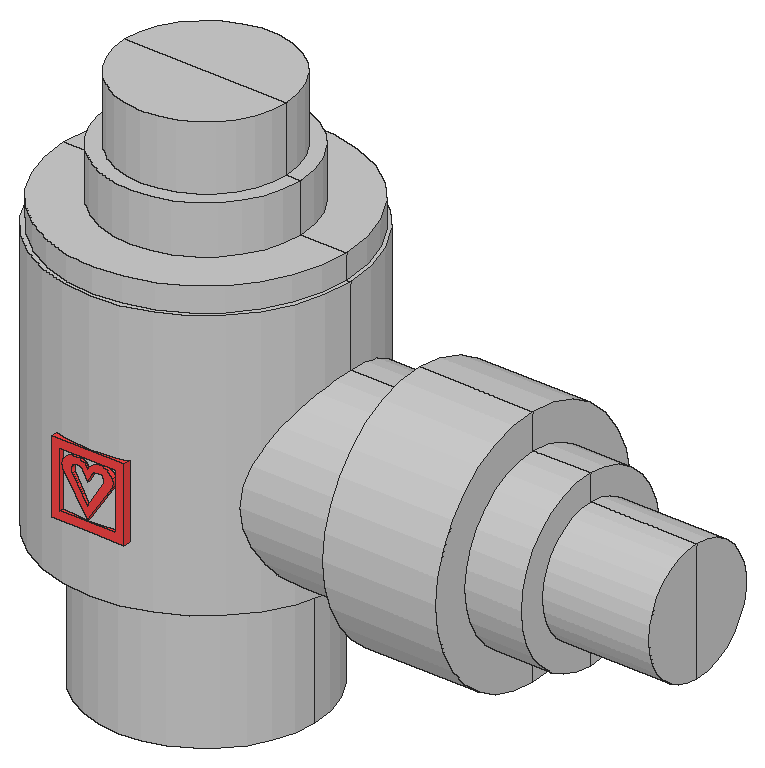
Revit family "RL-1-E Rücklaufventil Eck 3724", category Rohrzubehör, Revit 2018
Family settings
  Bemaßung runder Anschluss = Durchmesser verwenden
  Teiletyp = Unterbricht
  OmniClass-Nummer = 23.65.55.14
  OmniClass-Titel = Valves for Liquid Services
  Arbeitsebenenbasiert = Nein
  Immer vertikal = Nein
  Beim Laden mit Abzugskörper schneiden = Nein
  Gemeinsam genutzt = Nein
Parameters
  W01 = 120.00°  # constant formula
  URL = "www.herz-armaturen.at"
  SCRNSEQ = "ARM;ARM_TYP=\"ALLF\";2"
  SCRNCODE = "05;01;02"  # constant formula
  S04 = 45.000 mm  # constant formula
  S03 [instance] = H02 - 5.000 mm + 41.000 mm  # 57.500 mm
  S02 [instance] = L04 + L03 - L02  # 26.800 mm
  S01 = 10.000 mm  # constant formula
  R04 = 10.000 mm  # constant formula
  R03 = 11.750 mm  # constant formula
  R02 = 17.500 mm  # constant formula
  Nennweite [instance] = 15.000 mm
  Medium = "Heizwasserqualität entsprechend ÖNORM H 5195 bzw. VDI-Richtllinie 2035."
  Max.Betriebstemperatur = 120 °C  # constant formula
  Max.Betriebsdruck = 1000000.0 Pa  # constant formula
  LO1 [instance] = R01 - 0.500 mm  # 17.500 mm
  L05 = 19.500 mm  # constant formula
  L04 [instance] = size_lookup("3724_1E_", "L4", 1.000 mm, Nennweite)  # 20.300 mm
  L03 [instance] = size_lookup("3724_1E_", "L3", 1.000 mm, Nennweite)  # 14.000 mm
  L02 [instance] = size_lookup("3724_1E_", "L2", 1.000 mm, Nennweite)  # 7.500 mm
  L01 [instance] = size_lookup("3724_1E_", "L1", 1.000 mm, Nennweite)  # 34.000 mm
  Hersteller = "HERZ Armaturen Ges.m.b.H."  # constant formula
  H06 = 14.000 mm  # constant formula
  H05 = 8.000 mm  # constant formula
  H04 = 17.000 mm  # constant formula
  H03 [instance] = H01 - D03  # 17.250 mm
  H02 [instance] = size_lookup("3724_1E_", "H2", 1.000 mm, Nennweite) - 5.000 mm  # 21.500 mm
  H01 [instance] = size_lookup("3724_1E_", "H1", 1.000 mm, Nennweite)  # 29.000 mm
  Gehäuse = "vernickeltes Messing"  # constant formula
  GT1 [instance] = size_lookup("3724_1E_", "GT1", 1.000 mm, Nennweite)  # 13.200 mm
  GT [instance] = size_lookup("3724_1E_", "GT", 1.000 mm, Nennweite)  # 12.300 mm
  G2 [instance] = Nennweite / 2  # 7.500 mm
  G1 [instance] = Nennweite / 2  # 7.500 mm
  R01 = 18.000 mm  # constant formula
  D05 [instance] = size_lookup("3724_1E_", "D5", 1.000 mm, Nennweite)  # 10.650 mm
  D04 [instance] = size_lookup("3724_1E_", "D4", 1.000 mm, Nennweite)  # 15.000 mm
  D03 [instance] = size_lookup("3724_1E_", "D3", 1.000 mm, Nennweite)  # 11.750 mm
  D02 [instance] = size_lookup("3724_1E_", "D2", 1.000 mm, Nennweite)  # 9.525 mm
  D01 [instance] = size_lookup("3724_1E_", "D1", 1.000 mm, Nennweite)  # 13.500 mm
  Bestellnummer [instance] = size_lookup("3724_1E_", "Artnr", 0, Nennweite)  # 1372401
  Ausführungen = "Standardmodelle mit Gewindemuffen in vernickelter Ausführung"
  Anwendungsgebiet = "Wasserheizungsanlagen.\r\nDurch den Einbau des Rücklaufventils ist der Heizkörper-Rücklaufanschluß absperrbar. Dadurch kann bei\r\ngleichzeitiger Absperrung des Vorlaufventils der Heizkörper bei unter Druck stehender Anlage demontiert werden."
Reference planes
  plane 1 "Mitte (Vorne/hinten)": y = 0
  plane 2: z = 0
  plane 3 "Mitte (Links/rechts)": x = 0
Forms (mm)
  Revolve 1, solid, material "Messing, weicher Gelbton, geschweißt", detail levels fine
    sketch origin (0, 0, 0) x (1, 0, 0) y (0, 0, 1)
      loop
        line (0, 21.5) -> (-18, 21.5) -> (-18, -11.75) -> (-13.5, -11.75) -> (-13.5, -29) -> (-7.5, -29) -> (-7.5, -16.7) -> (0, -16.7) -> (0, 21.5)
      axis (0, 21.5) -> (0, -29)
    angle from 0 to 360
  Revolve 2, solid, material "Messing, weicher Gelbton, geschweißt", detail levels fine
    sketch origin (0, 0, 0) x (1, 0, 0) y (0, 0, 1)
      loop
        line (34, 0) -> (34, 9.525) -> (26.5, 9.525) -> (26.5, 11.75) -> (0, 11.75) -> (0, 0) -> (34, 0)
      axis (0, 0) -> (34, 0)
    angle from 0 to 360
  Revolve 3, solid, material "Messing, weicher Gelbton, geschweißt", detail levels fine
    sketch origin (-1, 0, 0) x (1, 0, 0) y (0, 0, 1)
      loop
        line (35, 0) -> (61.8, 0) -> (61.8, 7.5) -> (48.6, 7.5) -> (48.6, 10.65) -> (41.5, 10.65) -> (41.5, 15) -> (27.5, 15) -> (27.5, 9.525) -> (35, 9.525) -> (35, 0)
      axis (27.5, 0) -> (61.8, 0)
    angle from 0 to 360
  Revolve 4, solid, material "Messing, weicher Gelbton, geschweißt", detail levels fine
    sketch origin (0, 0, 0) x (1, 0, 0) y (0, 0, 1)
      loop
        line (0, 21.5) -> (0, 38.5) -> (-10, 38.5) -> (-10, 30.5) -> (-11.75, 30.5) -> (-11.75, 24.5) -> (-17.5, 24.5) -> (-17.5, 21.5) -> (0, 21.5)
      axis (0, 38.5) -> (0, 21.5)
    angle from 0 to 360
Lines and regions (mm)
  model lines, detail levels coarse+medium
    curve 1: line (0, 0, 0) -> (13.5, 0, -29)
    curve 2: line (13.5, 0, -29) -> (-13.5, 0, -29)
    curve 3: line (-13.5, 0, -29) -> (0, 0, 0)
    curve 4: line (0, 0, 0) -> (34, 0, 15)
    curve 5: line (34, 0, 15) -> (34, 0, -15)
    curve 6: line (34, 0, -15) -> (0, 0, 0)
    curve 7: line (34, 0, 15) -> (44, 0, 15)
    curve 8: line (44, 0, 15) -> (34, 0, 0)
    curve 9: line (34, 0, -15) -> (44, 0, -15)
    curve 10: line (44, 0, -15) -> (34, 0, 0)
    curve 11: line (34, 0, 0) -> (60.8, 0, 0)
    curve 12: line (0, 0, 0) -> (13.5, -29, 0)
    curve 13: line (13.5, -29, 0) -> (-13.5, -29, 0)
    curve 14: line (-13.5, -29, 0) -> (0, 0, 0)
    curve 15: line (0, 0, 0) -> (34, 15, 0)
    curve 16: line (34, 15, 0) -> (34, -15, 0)
    curve 17: line (34, -15, 0) -> (0, 0, 0)
    curve 18: line (34, 15, 0) -> (44, 15, 0)
    curve 19: line (44, 15, 0) -> (34, 0, 0)
    curve 20: line (34, -15, 0) -> (44, -15, 0)
    curve 21: line (34, 0, 0) -> (44, -15, 0)
Dimensions and locks
  "H02": Revolve 1 sketch curve to plane 2
  "H01": plane 2 to Revolve 1 sketch curve
  "R01": Revolve 1 sketch curve to Revolve 1 sketch curve
  "G1": Revolve 1 sketch curve to Revolve 1 sketch curve
  "D01": Revolve 1 sketch curve to Revolve 1 sketch curve
  "GT": Revolve 1 sketch curve to Revolve 1 sketch curve
  "H03": Revolve 1 sketch curve to Revolve 1 sketch curve
  "L02": Revolve 2 sketch curve to Revolve 2 sketch curve
  "LO1": nested 1 to plane 1 "Mitte (Vorne/hinten)"
  "L02": Revolve 3 sketch curve to Revolve 3 sketch curve
  "L03": Revolve 3 sketch curve to Revolve 3 sketch curve
  "L04": Revolve 3 sketch curve to Revolve 3 sketch curve
  "D04": Revolve 3 sketch curve to Revolve 3 sketch curve
  "G2": Revolve 3 sketch curve to Revolve 3 sketch curve
  "D05": Revolve 3 sketch curve to Revolve 3 sketch curve
  "GT1": Revolve 3 sketch curve to Revolve 3 sketch curve
  "L01": plane 3 "Mitte (Links/rechts)" to Revolve 3 sketch curve
  "D02": Revolve 3 sketch curve to plane 2
  "H01": plane 2 to curve 2
  "L01": curve 5 to plane 3 "Mitte (Links/rechts)"
  "D01": curve 2 to plane 3 "Mitte (Links/rechts)" to curve 3
  "D04": curve 5 to plane 2 to curve 6
  "S01": curve 5 to curve 8
  "S01": curve 5 to curve 10
  "S02": curve 11 to curve 11
  "H01": curve 13 to plane 1 "Mitte (Vorne/hinten)"
  "D01": curve 14 to plane 3 "Mitte (Links/rechts)" to curve 13
  "L01": plane 3 "Mitte (Links/rechts)" to curve 16
  "D04": curve 17 to plane 1 "Mitte (Vorne/hinten)" to curve 16
  "S01": curve 16 to curve 19
  "S01": curve 16 to curve 21
  "L01": Revolve 2 sketch curve to plane 3 "Mitte (Links/rechts)"
  "D03": Revolve 2 sketch curve to plane 2
  "D02": Revolve 2 sketch curve to plane 2
  "H02": Revolve 4 sketch curve to plane 2
  "H04": Revolve 4 sketch curve to Revolve 4 sketch curve
  "H05": Revolve 4 sketch curve to Revolve 4 sketch curve
  "H06": Revolve 4 sketch curve to Revolve 4 sketch curve
  "R04": Revolve 4 sketch curve to Revolve 4 sketch curve
  "R03": Revolve 4 sketch curve to Revolve 4 sketch curve
  "R02": Revolve 4 sketch curve to Revolve 4 sketch curve
  aligned and locked: level to plane 2
Automatic sketch dimensions
  curve 4 to level = 0.000 mm
  curve 4 to plane 3 "Mitte (Links/rechts)" = 0.000 mm
  curve 11 to level = 0.000 mm
  curve 8 to level = 0.000 mm
  plane 1 "Mitte (Vorne/hinten)" to curve 14 = 0.000 mm
  curve 14 to plane 3 "Mitte (Links/rechts)" = 0.000 mm
  plane 1 "Mitte (Vorne/hinten)" to curve 19 = 0.000 mm
  Revolve 1 sketch curve to plane 3 "Mitte (Links/rechts)" = 0.000 mm  (x2)
  Revolve 1 sketch curve to Revolve 1 sketch curve = 345.545 mm
  Revolve 1 sketch curve to Revolve 1 sketch curve = 2189.815 mm
  Revolve 2 sketch curve to level = 0.000 mm  (x2)
  Revolve 2 sketch curve to plane 3 "Mitte (Links/rechts)" = 0.000 mm
  Revolve 2 sketch curve to plane 3 "Mitte (Links/rechts)" = 1506.530 mm
  Revolve 2 sketch curve to Revolve 2 sketch curve = 1815.148 mm
  Revolve 3 sketch curve to level = 0.000 mm  (x2)
  Revolve 3 sketch curve to plane 3 "Mitte (Links/rechts)" = 1507.530 mm
  Revolve 3 sketch curve to Revolve 3 sketch curve = 1789.648 mm
  Revolve 4 sketch curve to plane 3 "Mitte (Links/rechts)" = 0.000 mm  (x2)
  Revolve 4 sketch curve to level = 366.045 mm
  Revolve 4 sketch curve to Revolve 4 sketch curve = 2164.815 mm
Nested families
  nested 1: "Herz-Logo-vorne" at (0, -17.5, 0) x (0, -1, 0) z (0, 0, 1), type "Herz-Logo-vorne", detail levels fine
Connectors
  piping at (0, 0, -16.7), diameter 15, driven by "Nennweite"
    settings: on Revolve 1, index 1, connector inside diameter 609.6 mm, connector length 0.000 mm, flow factor 0, pipe flow 0.0 L/s, pressure drop 0.0 Pa, fitting loss kfactor 0, connector angle 0.00°, fixture units 0, engagement length 0.000 mm, angle of deflection 0.00°, flow configuration 0, flow direction 1, fitting loss method 0, system type 8, joint type 0, gender type 0, connector reference index -1, connector utility 0, adjustable connector no, is connector primary yes, connector description ""
  piping at (60.8, 0, 0), diameter 15, driven by "Nennweite"
    settings: on Revolve 3, index 2, connector inside diameter 609.6 mm, connector length 0.000 mm, flow factor 0, pipe flow 0.0 L/s, pressure drop 0.0 Pa, fitting loss kfactor 0, connector angle 0.00°, fixture units 0, engagement length 0.000 mm, angle of deflection 0.00°, flow configuration 0, flow direction 2, fitting loss method 0, system type 8, joint type 0, gender type 0, connector reference index -1, connector utility 0, adjustable connector no, is connector primary no, connector description ""
Definition of nested family "Herz-Logo-vorne"
  Reference planes
    plane 1 "Mitte (Vorne/hinten)": y = 0
    plane 2: z = 0
    plane 3 "Mitte (Links/rechts)": x = 0
  Forms (mm)
    Extrusion 1, solid
      sketch origin (0.732, -0.018, 0.017) x (0, -1, 0) y (0, 0, 1)
        loop
          line (-0.018, -4.517) -> (4.482, -4.517) -> (4.482, 4.483) -> (-4.518, 4.483) -> (-4.518, -4.517) -> (-0.018, -4.517)
        loop
          line (-0.05, -3.48) -> (3.482, -3.48) -> (3.482, 3.483) -> (-3.518, 3.483) -> (-3.518, -3.48) -> (-0.05, -3.48)
        loop
          arc (-0.018, 2.383) -> (-1.543, 3.287) -> (-3.067, 2.383) r 1.738
          arc (-3.067, 2.383) -> (-3.191, 1.899) -> (-3.067, 1.415) r 1.009
          line (-3.067, 1.415) -> (-0.018, -3.281) -> (3.032, 1.415)
          arc (3.032, 1.415) -> (3.156, 1.899) -> (3.032, 2.383) r 1.009
          arc (3.032, 2.383) -> (1.507, 3.287) -> (-0.018, 2.383) r 1.738
        loop
          arc (1.885, 1.272) -> (2.005, 1.675) -> (1.885, 2.079) r 0.74
          arc (1.885, 2.079) -> (1.265, 2.416) -> (0.644, 2.079) r 0.74
          line (0.644, 2.079) -> (-0.018, 0.97) -> (-0.679, 2.079)
          arc (-0.679, 2.079) -> (-1.3, 2.416) -> (-1.921, 2.079) r 0.74
          arc (-1.921, 2.079) -> (-2.04, 1.675) -> (-1.921, 1.272) r 0.74
          line (-1.921, 1.272) -> (-0.018, -1.658) -> (1.885, 1.272)
      from 0 to 1.5
  Dimensions and locks
    aligned and locked: level to plane 2
